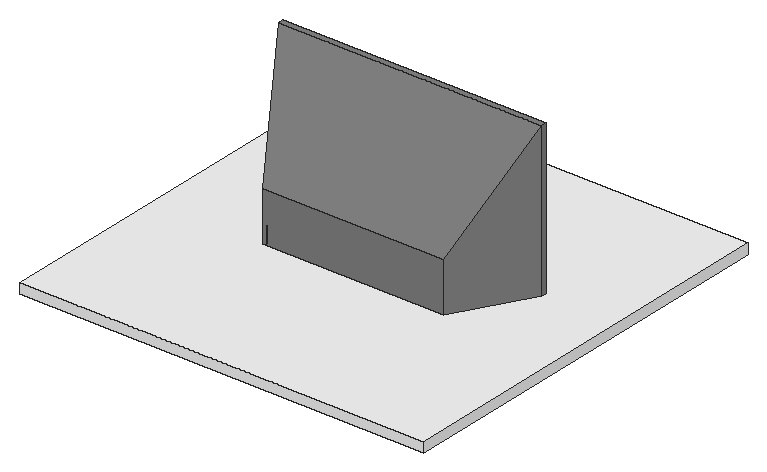
Revit family "BE_50200.5_de_DE", category Leuchten, Revit 2015
Parameters (values of type "BEGA_50200.5_K4")
  built-in parameter 1150104 = 11.882 (stored number, unit not read)
  Wattage = 16.5 W
  Default Elevation = 0 mm
  built-in parameter 1150113 = 1 (stored number, unit not read)
  built-in parameter 1114218 = 1 (stored number, unit not read)
  Umgebungstemperatur = "25 °C"
  URL = "http://www.bega.de/produkt/50200.5"
  Typenkommentare = "© 2017 BEGA. Wir behalten uns das Recht vor, technische Änderungen ohne vorherige Ankündigung vorzunehmen."  # constant formula
  built-in parameter 1150134 = 12
  built-in parameter 1150109 = 1 (stored number, unit not read)
  Strom = ""
  built-in parameter 1150110 = 1 (stored number, unit not read)
  Spannung = 239.996 V
  Sonderanfertigung = no
  Seriennummer [instance] = "Hier können Sie die eindeutige Seriennummer für das Facility Management eintragen."
  Schutzklasse = "I"
  Schutzart = "IP 65"
  Scheinlast = 0 VA
  Produktdatenblatt = "http://www.bega.de/download/Xrfa/db/50200.5.db.de.pdf"
  Oberflächentemperatur = ""
  Neigungswinkel = 0.00°
  Modell = "50200.5K4"
  Material_17 = BEGA_Reflektor
  Material_15 = BEGA_Leuchtmedium_matt
  Material_11 = BEGA_Glas_opal
  Material_09 = BEGA_Glas_klar
  Material_06 = BEGA_Oberfläche_Edelstahl_gebürstet
  Material_05 = BEGA_Oberfläche_Aluminium Guss
  Material_03 = BEGA_Oberfläche_Weiss_matt
  Material_02 = BEGA_Oberfläche_Silber_matt
  Material_01 [instance] = BEGA_Oberfläche_Grafit_matt
  M_W = no
  M_G = no
  M_A = no
  Logo = 0
  built-in parameter 1114217 = 1 (stored number, unit not read)
  built-in parameter 1150139 = (empty or 0)
  built-in parameter 1150105 = 167.94 (stored number, unit not read)
  built-in parameter 1150114 = 1 (stored number, unit not read)
  Lumens = 2110.35 lm
  built-in parameter 1150115 = 1 (stored number, unit not read)
  Leuchtenlichtstrom = "1584 lm"
  Leuchtenanzahl = ""
  Lebensdauerkriterien = "L70B50 @ 25 °C = 220000 h"
  Lastklassifizierung = Beleuchtung
  built-in parameter 1150112 = 1 (stored number, unit not read)
  Lampenlichtstrom = "2110 lm"
  Lampe = "LED 16.5 W"
  LED_Modulbezeichnung = "LED-0590/940 "
  Hersteller = "BEGA"  # constant formula
  Halbstreuwinkel = ""
  Gewicht = "1.7 kg"
  Gebrauchslageneinschränkung [instance] = ""
  Frequenz = "0/50-60 Hz"
  Farbwiedergabeindex = "Ra > 90"
  Farbtemperaturverschiebung bei Dämpfen der Lampe = <Keine Auswahl>
  Farbtemperatur = "4000 K"
  Color Filter = 16777215
  built-in parameter 1150133 = 10 (stored number, unit not read)
  Energieeffizienzklasse = "LED A++ - A"
  built-in parameter 1150137 = (empty or 0)
  built-in parameter 1150132 = (empty or 0)
  ENEC = ""
  Dimmbar [instance] = "DALI"
  Datei für fotometrisches Netz = "BE_50200K4.IES"
  CE_Konformität = "ja"
  Bestellnummer = "50200.5K4"
  Beschreibung_Sonderanfertigung = "Hier können Sie Informationen zur Sonderanfertigung eintragen."
  Beschreibung = "Wandfluter"
  built-in parameter 1150106 = 1.6794 (stored number, unit not read)
  Befestigungsbohrung = "Ø 4,5 mm"
  Befestigungsabstand = "190 mm"
  Ballwurfsicher = ""
  BEGA_Intern_aus = yes
  BEGA_Intern_an = yes
  BEGA_Intern_Konstruktion = yes
  BEGA_Intern = yes
  BEGA_IES = yes
  BEGA_Dummy = no
  Anschlussleitung = ""
  Anschlussleistung [instance] = "19.4 W"
  Anschlusskasten = ""
  built-in parameter 1150107 = 4000 (stored number, unit not read)
  built-in parameter 1150102 = (empty or 0)
  built-in parameter 1150138 = (empty or 0)
  Aktualisierung = "2017-07-18T04:09:01"
  Abstand_zur_angestrahlten_Fläche [instance] = ""
  AC/DC = "AC/DC"
Types (2, lengths in mm): name | built-in parameter 1150104 | built-in parameter 1150134 | Modell | built-in parameter 1150105 | Lumens | Leuchtenlichtstrom | Lampenlichtstrom | LED_Modulbezeichnung | Farbtemperatur | Datei für fotometrisches Netz | Bestellnummer | built-in parameter 1150106 | built-in parameter 1150107
  BEGA_50200.5_K3 | 11.483 (stored number, unit not read) | (empty or 0) | "50200.5" | 162.29 (stored number, unit not read) | 2039.4 lm | "1530 lm" | "2040 lm" | "LED-0590/930 " | "3000 K" | "BE_50200.IES" | "50200.5" | 1.6229 (stored number, unit not read) | 3000 (stored number, unit not read)
  BEGA_50200.5_K4 | 11.882 (stored number, unit not read) | 12 | "50200.5K4" | 167.94 (stored number, unit not read) | 2110.35 lm | "1584 lm" | "2110 lm" | "LED-0590/940 " | "4000 K" | "BE_50200K4.IES" | "50200.5K4" | 1.6794 (stored number, unit not read) | 4000 (stored number, unit not read)
Reference planes
  plane 1 "Mitte (Vorne/Hinten)": y = 0
  plane 2: z = 0
  plane 3 "Mitte (Links/Rechts)": x = 0
  plane 4 "Links": x = -129.913
  plane 5 "Rechts": x = 129.913
  plane 6 "Unten": y = -38
  plane 7 "Oben": y = 39.8
  plane 8 "Vorne": z = 152.913
  plane 9 "Hinten": z = 0
Forms (mm)
  Extrusion 1, solid, material "BEGA_Platte_Weiss"
    sketch origin (0, -1119.2, 0) x (1, 0, 0) y (0, 1, 0)
      loop
        line (-200, 1319.2) -> (-200, 919.2) -> (200, 919.2) -> (200, 1319.2) -> (-200, 1319.2)
    from 0 to -10
  Extrusion 2, solid, material "BEGA_Dummy_matt", visible <- "BEGA_Dummy"
    sketch origin (80.095, -76.023, 0) x (1, 0, 0) y (0, 1, 0)
      loop
        line (-210.008, 115.823) -> (-210.008, 38.023) -> (49.817, 38.023) -> (49.817, 115.823) -> (-210.008, 115.823)
    from 0 to 152.913
Dimensions and locks
  plane 1 "Mitte (Vorne/Hinten)" to Extrusion 1 = 200 mm
  aligned and locked: plane 2 to Extrusion 1
  aligned and locked: level to Extrusion 1
Nested families
  nested 1: "BE_50200.5" at (0, 0, 0), type "BE_50200.5"
Connectors
  electrical at (0, 0, 0), driven by "Lastklassifizierung", driven by "Spannung", driven by "Scheinlast"
    settings: index 1, voltage 239.996 V, apparent load 0 VA, apparent load phase1 0 VA, apparent load phase2 0 VA, apparent load phase3 0 VA, power factor 1, load classification "Beleuchtung", number of poles 1, system type 31, power factor state 1, is connector primary yes, connector utility no, sub classification motor no, connector description ""
Definition of nested family "BE_50200.5"
  Parameters (values of type "BE_50200.5")
    Default Elevation = 1 mm
    URL = "http://www.bega.de/de/produkt"
    Type Comments = "© 2015 BEGA. Wir behalten uns das Recht vor, technische Änderungen ohne vorherige Ankündigung vorzunehmen. "  # constant formula
    Type Image = (empty or 0)
    Neigungswinkel_um_Z2 = 0.00°
    Neigungswinkel_um_Z1 = 0.00°
    Neigungswinkel_um_Y2 = 0.00°
    Neigungswinkel_um_Y1 = 0.00°
    Neigungswinkel_um_X2 = 0.00°
    Neigungswinkel_um_X1 = 0.00°
    Material_17 = none
    Material_15 = none
    Material_11 = none
    Material_09 = none
    Material_06 = none
    Material_05 = none
    Material_03 = none
    Material_02 = none
    Material_01 = none
    M_W = yes
    M_G = yes
    M_A = yes
    Länge_Platte = 400 mm  # constant formula
    Höhe_Platte = -10 mm  # constant formula
    Manufacturer = "BEGA"  # constant formula
    Drehwinkel_um_Z2 = 0.00°
    Drehwinkel_um_Z1 = 0.00°
    Breite_Platte = 200 mm  # constant formula
  Reference planes
    plane 1 "Mitte (Oben/Unten)": y = 0
    plane 2: z = 0
    plane 3 "Mitte (Links/Rechts)": x = 0
    plane 4: x = -129.913
    plane 5: x = 129.913
    plane 6: z = 152.913
    plane 7: y = -38
    plane 8: y = 39.8
  Forms (mm)
    Extrusion 1, solid, detail levels medium
      sketch origin (0, 0, 0) x (1, 0, 0) y (0, 1, 0)
        loop
          line (-200, 100) -> (-200, -100) -> (200, -100) -> (200, 100) -> (-200, 100)
      from 0 to -10 <- "Höhe_Platte"
    Extrusion 2, solid, material <- "Material_01", detail levels medium+fine
      sketch origin (0, 0, 0) x (0, 1, 0) y (0, 0, 1)
        loop
          line (-38, 2) -> (38, 2) -> (38, 152.913) -> (33.061, 152.913) -> (-38, 50.56) -> (-38, 2)
      from -129.913 to 129.913
    Extrusion 3, void
      sketch origin (0, 0, 0) x (1, 0, 0) y (0, 1, 0)
        loop
          line (-133.346, 39.188) -> (-133.346, -41.243) -> (-87.586, -41.243) -> (-133.346, 39.188)
        loop
          line (133.346, 39.188) -> (87.586, -41.243) -> (133.346, -41.243) -> (133.346, 39.188)
      from 0 to 155.937
    Blend 4, void
      base sketch origin (0, -36.301, 2) x (0, -1, 0) y (1, 0, 0)
        loop
          line (-0.439, -79.142) -> (-0.439, 79.142) -> (-70.439, 118.968) -> (-70.439, -118.968) -> (-0.439, -79.142)
      top sketch origin (0, 35.5, 152.913) x (0, -1, 0) y (1, 0, 0)
        loop
          line (9.992, -117.578) -> (9.992, 117.578) -> (1.362, 117.578) -> (1.362, -117.578) -> (9.992, -117.578)
      from 0 to -12.516
    Extrusion 5, solid, material <- "Material_01", detail levels medium+fine
      sketch origin (0, 0, 0) x (1, 0, 0) y (0, 1, 0)
        loop
          line (-85.604, -33.242) -> (85.604, -33.242) -> (122.064, 30.842) -> (-122.064, 30.842) -> (-85.604, -33.242)
        loop
          line (-84.092, -30.642) -> (84.092, -30.642) -> (117.593, 28.242) -> (-117.593, 28.242) -> (-84.092, -30.642)
      from 0 to 36.849
    Extrusion 6, solid, material <- "Material_01", detail levels medium+fine
      sketch origin (0, 0, 0) x (1, 0, 0) y (0, 1, 0)
        loop
          line (-87.084, -30.642) -> (84.092, -30.642) -> (117.593, 28.242) -> (-120.584, 28.242) -> (-87.084, -30.642)
      from 8 to 11
    Extrusion 7, void
      sketch origin (0, 0, 0) x (0, 1, 0) y (0, 0, 1)
        loop
          line (32.601, 151) -> (32.601, 40.129) -> (38.951, 40.129) -> (38.951, 151) -> (32.601, 151)
      from -127.703 to 127.391
    Extrusion 8, solid, material <- "Material_17", detail levels medium+fine
      sketch origin (0, 0, 0) x (0, 1, 0) y (0, 0, 1)
        loop
          line (33.8, 53.994) -> (18.318, 59.631) -> (33.6, 138.286) -> (33.6, 145.996) -> (32.778, 145.996) -> (32.778, 137.967) -> (17.453, 59.147) -> (33, 53.489) -> (33, 45.695) -> (33.8, 45.695) -> (33.8, 53.994)
      from -117.578 to 117.578
    Extrusion 9, solid, material <- "Material_15", detail levels medium+fine
      sketch origin (0, 0, 0) x (1, 0, 0) y (0, 0, 1)
        loop
          line (27.973, 90.445) -> (27.973, 101.445) -> (-28.08, 101.445) -> (-28.08, 90.445) -> (27.973, 90.445)
      from -10.824 to -9.8
    Extrusion 10, solid, material <- "Material_09", detail levels medium+fine
      sketch origin (0, 0, 0) x (0, 1, 0) y (0, 0, 1)
        loop
          line (33.8, 40.129) -> (39.8, 40.129) -> (39.8, 150.85) -> (33.8, 150.85) -> (33.8, 40.129)
      from -127.703 to 127.391
    Extrusion 11, solid, material <- "Material_01", detail levels medium+fine
      sketch origin (0, 0, 0) x (0, 1, 0) y (0, 0, 1)
        loop
          line (33.8, 45.695) -> (29.088, 45.695) -> (29.088, 35.573) -> (33.8, 35.573) -> (33.8, 45.695)
      from -127.517 to 127.391
    Extrusion 12, void
      sketch origin (0, 0, 0) x (1, 0, 0) y (0, 1, 0)
        loop
          circle (-95, -4.4) r 2.75
        loop
          circle (95, -4.4) r 2.75
        loop
          circle (-70, 13.6) r 8.5
        loop
          circle (-70, -13.4) r 8.5
      from 0 to 15
    Extrusion 13, void
      sketch origin (0, -36.301, 2) x (0, -1, 0) y (1, 0, 0)
        loop
          line (-0.425, 78.067) -> (-0.425, 86.66) -> (-70.439, 126.494) -> (-70.439, 117.901) -> (-0.425, 78.067)
      from 0 to 22.216
    Extrusion 14, void
      sketch origin (0, -36.301, 2) x (0, -1, 0) y (1, 0, 0)
        loop
          line (-0.425, -78.067) -> (-70.439, -117.901) -> (-70.439, -126.494) -> (-0.425, -86.66) -> (-0.425, -78.067)
      from 0 to 22.216
    Extrusion 15, void
      sketch origin (0, 0, 0) x (1, 0, 0) y (0, 0, 1)
        loop
          line (-100.787, 28.5) -> (-100.787, 26.5)
          arc (-100.787, 26.5) -> (-97.613, 23.326) -> (-94.438, 26.5) r 3.174
          line (-94.438, 26.5) -> (-94.438, 28.5)
          arc (-94.438, 28.5) -> (-97.613, 31.674) -> (-100.787, 28.5) r 3.174
        loop
          arc (100.787, 28.5) -> (97.613, 31.674) -> (94.438, 28.5) r 3.174
          line (94.438, 28.5) -> (94.438, 26.5)
          arc (94.438, 26.5) -> (97.613, 23.326) -> (100.787, 26.5) r 3.174
          line (100.787, 26.5) -> (100.787, 28.5)
      from -38.951 to -27.699
    Extrusion 16, solid, material <- "Material_17", detail levels medium+fine
      sketch origin (2.039, 8.542, 0) x (0.996778, 0.080212, 0) y (-0.080212, 0.996778, 0)
        loop
          line (-9.666, 6.894) -> (-117.275, 34.79) -> (-117.522, 33.837) -> (-9.904, 5.94) -> (-9.666, 6.894)
      from 52.545 to 138.286
    Extrusion 17, solid, material <- "Material_17", detail levels medium+fine
      sketch origin (-2.039, 8.542, 0) x (-0.996778, 0.080212, 0) y (-0.080212, -0.996778, 0)
        loop
          line (-9.666, -6.894) -> (-9.904, -5.94) -> (-117.476, -33.825) -> (-117.229, -34.778) -> (-9.666, -6.894)
      from 52.545 to 138.286
    Extrusion 18, solid, material <- "Material_17", detail levels medium+fine
      sketch origin (-2.039, 8.542, 0) x (-0.996778, 0.080212, 0) y (-0.080212, -0.996778, 0)
        loop
          line (-9.666, -6.894) -> (-9.904, -5.94) -> (-117.522, -33.837) -> (-117.275, -34.79) -> (-9.666, -6.894)
      from 52.545 to 138.286
    Extrusion 19, void
      sketch origin (0, 0, 0) x (0, 1, 0) y (0, 0, 1)
        loop
          line (18.092, 58.592) -> (31.76, 53.618) -> (31.76, 55.33) -> (18.56, 59.876) -> (18.092, 58.592)
      from -28.08 to 27.973
    Extrusion 20, solid, material <- "Material_15", detail levels medium+fine
      sketch origin (0, 0, 0) x (0, 1, 0) y (0, 0, 1)
        loop
          line (18.345, 58.522) -> (18.032, 57.663) -> (30.343, 53.424) -> (30.655, 54.283) -> (18.345, 58.522)
      from -27.678 to 27.575
    Extrusion 21, void
      sketch origin (0, 0, 0) x (0, 1, 0) y (0, 0, 1)
        loop
          line (26.389, 140.604) -> (11.162, 140.604) -> (11.162, 118.67) -> (26.389, 140.604)
      from -94.438 to 122.064
  Cuts and joins
    Extrusion 3, Blend 4, Extrusion 7, Extrusion 13, Extrusion 14, Extrusion 15 cuts Extrusion 2
    Extrusion 14, Extrusion 15, Extrusion 21 cuts Extrusion 11
    joined: Extrusion 2, Extrusion 11
    Extrusion 12, Extrusion 14, Extrusion 15 cuts Extrusion 5
    Extrusion 12, Extrusion 15 cuts Extrusion 6
    joined: Extrusion 5, Extrusion 6
    Extrusion 3, Extrusion 12, Extrusion 19, Extrusion 21 cuts Extrusion 8
    Extrusion 21 cuts Extrusion 16
    Extrusion 21 cuts Extrusion 17
    Extrusion 21 cuts Extrusion 18
    joined: Extrusion 8, Extrusion 16, Extrusion 17, Extrusion 18
  Dimensions and locks
    equal spacing: Extrusion 1 sketch curve, plane 3 "Mitte (Links/Rechts)", Extrusion 1 sketch curve
    equal spacing: Extrusion 1 sketch curve, plane 1 "Mitte (Oben/Unten)", Extrusion 1 sketch curve
    "Länge_Platte": Extrusion 1 sketch curve to Extrusion 1 sketch curve
    "Breite_Platte": Extrusion 1 sketch curve to Extrusion 1 sketch curve
    aligned and locked: plane 2 to Extrusion 1
    aligned and locked: level to Extrusion 1
  Automatic sketch dimensions
    Extrusion 2 sketch curve to plane 7 = 0 mm
    Extrusion 2 sketch curve to plane 6 = 0 mm
    Extrusion 2 sketch curve to plane 8 = 6.739 mm
    Extrusion 2 sketch curve to plane 8 = 1.8 mm
    level to Extrusion 2 sketch curve = 50.56 mm
    level to Extrusion 2 sketch curve = 2 mm
    Extrusion 3 sketch curve to plane 4 = 3.433 mm
    Extrusion 3 sketch curve to plane 7 = 3.243 mm  (x2)
    plane 4 to Extrusion 3 sketch curve = 42.327 mm
    plane 5 to Extrusion 3 sketch curve = 42.327 mm
    Extrusion 3 sketch curve to plane 5 = 3.433 mm
    Extrusion 3 sketch curve to plane 8 = 0.612 mm  (x2)
    Extrusion 2 to Blend 4 sketch curve = 3.862 mm
    Blend 4 sketch curve to Extrusion 2 = 2.138 mm
    Blend 4 sketch curve to Extrusion 2 = 10.945 mm  (x2)
    Blend 4 sketch curve to Extrusion 2 = 50.77 mm  (x2)
    Blend 4 sketch curve to Extrusion 2 = 1.077 mm
    Extrusion 2 to Blend 4 sketch curve = 7.553 mm
    Extrusion 2 to Blend 4 sketch curve = 12.335 mm  (x2)
    plane 4 to Extrusion 5 sketch curve = 7.849 mm
    Extrusion 5 sketch curve to Extrusion 5 sketch curve = 4.471 mm  (x2)
    plane 7 to Extrusion 5 sketch curve = 4.758 mm
    plane 4 to Extrusion 5 sketch curve = 44.308 mm
    Extrusion 5 sketch curve to Extrusion 5 sketch curve = 1.512 mm  (x2)
    plane 7 to Extrusion 5 sketch curve = 7.358 mm
    plane 5 to Extrusion 5 sketch curve = 45.82 mm
    plane 5 to Extrusion 5 sketch curve = 12.32 mm
    Extrusion 5 sketch curve to plane 8 = 11.558 mm
    Extrusion 5 sketch curve to Extrusion 5 sketch curve = 2.6 mm
    plane 4 to Extrusion 6 sketch curve = 9.328 mm
    plane 7 to Extrusion 6 sketch curve = 7.358 mm
    plane 4 to Extrusion 6 sketch curve = 42.829 mm
    plane 5 to Extrusion 6 sketch curve = 45.82 mm
    plane 5 to Extrusion 6 sketch curve = 12.32 mm
    Extrusion 6 sketch curve to plane 8 = 11.558 mm
    Extrusion 7 sketch curve to plane 8 = 7.199 mm
    Extrusion 7 sketch curve to plane 8 = 0.849 mm
    level to Extrusion 7 sketch curve = 40.129 mm
    Extrusion 7 sketch curve to plane 6 = 1.913 mm
    Extrusion 8 sketch curve to plane 1 "Mitte (Oben/Unten)" = 17.453 mm
    Extrusion 8 sketch curve to Extrusion 8 sketch curve = 0.865 mm
    Extrusion 8 sketch curve to plane 8 = 7.022 mm
    Extrusion 8 sketch curve to plane 8 = 6.8 mm
    Extrusion 8 sketch curve to Extrusion 8 sketch curve = 0.822 mm
    Extrusion 8 sketch curve to Extrusion 8 sketch curve = 0.8 mm
    level to Extrusion 8 sketch curve = 45.695 mm
    Extrusion 8 sketch curve to Extrusion 8 sketch curve = 7.793 mm
    Extrusion 8 sketch curve to Extrusion 8 sketch curve = 0.506 mm
    Extrusion 8 sketch curve to Extrusion 8 sketch curve = 5.659 mm
    Extrusion 8 sketch curve to Extrusion 8 sketch curve = 0.483 mm
    Extrusion 8 sketch curve to plane 6 = 14.946 mm
    Extrusion 8 sketch curve to Extrusion 8 sketch curve = 0.319 mm
    Extrusion 8 sketch curve to plane 6 = 6.917 mm
    Extrusion 9 sketch curve to plane 3 "Mitte (Links/Rechts)" = 28.08 mm
    plane 3 "Mitte (Links/Rechts)" to Extrusion 9 sketch curve = 27.973 mm
    Extrusion 9 sketch curve to plane 6 = 62.467 mm
    Extrusion 9 sketch curve to Extrusion 9 sketch curve = 11 mm
    Extrusion 10 sketch curve to plane 8 = 0 mm
    Extrusion 10 sketch curve to Extrusion 10 sketch curve = 6 mm
    level to Extrusion 10 sketch curve = 40.129 mm
    Extrusion 10 sketch curve to plane 6 = 2.063 mm
    Extrusion 11 sketch curve to plane 8 = 10.712 mm
    Extrusion 11 sketch curve to Extrusion 11 sketch curve = 4.712 mm
    level to Extrusion 11 sketch curve = 35.573 mm
    Extrusion 11 sketch curve to Extrusion 11 sketch curve = 10.122 mm
    plane 1 "Mitte (Oben/Unten)" to Extrusion 12 sketch curve = 4.4 mm  (x2)
    plane 4 to Extrusion 12 sketch curve = 34.913 mm
    Extrusion 12 sketch curve to plane 1 "Mitte (Oben/Unten)" = 13.6 mm
    Extrusion 12 sketch curve to Extrusion 12 sketch curve = 25 mm  (x2)
    plane 5 to Extrusion 12 sketch curve = 34.913 mm
    plane 1 "Mitte (Oben/Unten)" to Extrusion 12 sketch curve = 13.4 mm
    Extrusion 2 to Extrusion 13 sketch curve = 3.862 mm
    Extrusion 13 sketch curve to Extrusion 2 = 2.123 mm
    Extrusion 13 sketch curve to Extrusion 2 = 51.846 mm
    Extrusion 13 sketch curve to Extrusion 13 sketch curve = 8.593 mm
    Extrusion 13 sketch curve to Extrusion 2 = 12.012 mm
    Extrusion 13 sketch curve to Extrusion 2 = 3.419 mm
    Extrusion 2 to Extrusion 14 sketch curve = 3.862 mm
    Extrusion 14 sketch curve to Extrusion 2 = 2.123 mm
    Extrusion 14 sketch curve to Extrusion 2 = 3.419 mm
    Extrusion 14 sketch curve to Extrusion 14 sketch curve = 8.593 mm  (x2)
    Extrusion 14 sketch curve to Extrusion 2 = 43.253 mm
    plane 4 to Extrusion 15 sketch curve = 29.126 mm
    Extrusion 15 sketch curve to Extrusion 15 sketch curve = 3.174 mm  (x2)
    plane 5 to Extrusion 15 sketch curve = 35.474 mm
    level to Extrusion 15 sketch curve = 26.5 mm  (x2)
    Extrusion 15 sketch curve to Extrusion 15 sketch curve = 2 mm  (x2)
    Extrusion 16 sketch curve to plane 8 = 6.957 mm
    plane 4 to Extrusion 16 sketch curve = 12.095 mm
    Extrusion 16 sketch curve to Extrusion 16 sketch curve = 0.247 mm
    Extrusion 16 sketch curve to Extrusion 16 sketch curve = 107.618 mm
    Extrusion 16 sketch curve to Extrusion 16 sketch curve = 0.238 mm
    Extrusion 16 sketch curve to Extrusion 16 sketch curve = 26.943 mm
    plane 8 to Extrusion 17 sketch curve = 6.965 mm
    Extrusion 17 sketch curve to plane 5 = 12.142 mm
    Extrusion 17 sketch curve to Extrusion 17 sketch curve = 0.247 mm
    Extrusion 17 sketch curve to Extrusion 17 sketch curve = 107.572 mm
    Extrusion 17 sketch curve to Extrusion 17 sketch curve = 0.238 mm
    Extrusion 17 sketch curve to Extrusion 17 sketch curve = 26.931 mm
    plane 8 to Extrusion 18 sketch curve = 6.957 mm
    Extrusion 18 sketch curve to plane 5 = 12.095 mm
    Extrusion 18 sketch curve to Extrusion 18 sketch curve = 0.247 mm
    Extrusion 18 sketch curve to Extrusion 18 sketch curve = 107.618 mm
    Extrusion 18 sketch curve to Extrusion 18 sketch curve = 0.238 mm
    Extrusion 18 sketch curve to Extrusion 18 sketch curve = 26.943 mm
    Extrusion 19 sketch curve to plane 1 "Mitte (Oben/Unten)" = 18.092 mm
    Extrusion 19 sketch curve to Extrusion 19 sketch curve = 0.467 mm
    Extrusion 19 sketch curve to plane 8 = 8.04 mm
    level to Extrusion 19 sketch curve = 53.618 mm
    Extrusion 19 sketch curve to Extrusion 19 sketch curve = 1.713 mm
    Extrusion 19 sketch curve to Extrusion 19 sketch curve = 3.262 mm
    level to Extrusion 20 sketch curve = 58.522 mm
    Extrusion 20 sketch curve to Extrusion 20 sketch curve = 0.313 mm  (x2)
    Extrusion 20 sketch curve to Extrusion 20 sketch curve = 12.311 mm
    Extrusion 20 sketch curve to plane 8 = 9.457 mm
    Extrusion 20 sketch curve to Extrusion 20 sketch curve = 0.859 mm  (x2)
    Extrusion 20 sketch curve to Extrusion 20 sketch curve = 4.239 mm
    Extrusion 21 sketch curve to plane 1 "Mitte (Oben/Unten)" = 11.162 mm
    Extrusion 21 sketch curve to plane 8 = 13.411 mm
    Extrusion 21 sketch curve to plane 6 = 34.242 mm
    Extrusion 21 sketch curve to plane 6 = 12.309 mm
    radius of Extrusion 12 sketch curve = 2.75 mm  (x2)
    radius of Extrusion 12 sketch curve = 8.5 mm  (x2)
